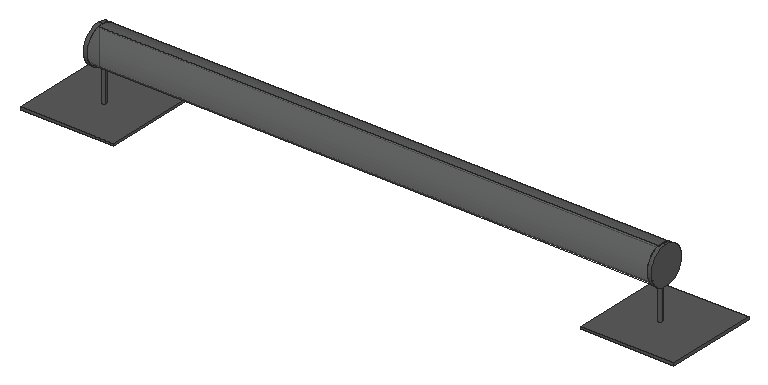
Revit family "wwaalll", category Lighting Fixtures, host Face, Revit 2019
Family settings
  Host = Face
  Round Connector Dimension = Use Diameter
  Part Type = Normal
  OmniClass Number = 23.80.70.11
  OmniClass Title = Luminaries for Internal Lighting
  Cut with Voids When Loaded = No
  Light Source = Yes
  Shared = No
  Room Calculation Point = No
Parameters (values of type "Not a Type - Load Type Catalog!")
  z_RO Start = Run : Start Fixture
  z_RO Standalone = Run : Standalone Fixture
  z_RO Middle = Run : Middle Fixture
  z_RO End = Run : End Fixture
  z_Geometry Position [instance] = 0' - 4 19/32"
  z_Connector Position [instance] = if(or(Run Option = z_RO Standalone, Run Option = z_RO Start), 0' 0", Length - 2 * 0' 0 21/128")  # 0' - 0"
  z_Array No 01 [instance] = if(or(Run Option = z_RO Standalone, Run Option = z_RO Start, and(Run Option = z_RO End, [Emergency Circuit - End Fixture])), 3, 2)  # 3
  z_Angle [instance] = 0.00°  # constant formula
  Width = 0' - 3 51/256"  # constant formula
  Weight = 0.00 lbf
  Wattage Comments = ""
  Wattage = 9.2903 W
  z_WM Left [instance] = or(Run Option = z_RO Start, Run Option = z_RO Standalone)  # yes
  Voltage Range = ""
  built-in parameter 1150110 = 1 (stored number, unit not read)
  Voltage = 120 V
  URL = "https://starteklightingamerica.com/optimo-direct/"
  Type Comments = "Linear Lighting Fixture"  # constant formula
  built-in parameter 1114217 = 1 (stored number, unit not read)
  Tilt Angle = 90.00°  # constant formula
  built-in parameter 1150109 = 1 (stored number, unit not read)
  built-in parameter 1150134 = (empty or 0)
  built-in parameter 1150113 = 1 (stored number, unit not read)
  z_Right Cap [instance] = or(Run Option = z_RO Standalone, Run Option = z_RO End)  # yes
  Run Option [instance] = Run : Standalone Fixture
  Product data url = "https://www.bimobject.com/startek-lighting/product/optimo_direct"
  Product Material [instance] = StarTek Lighting - Aluminum - Powder Coat Black
  Product Guid = "2d1d840d-481b-43d5-8dc0-894fcfffd1a4"
  Power Factor = 1
  Photometric Web File = "Generic Light Source Shown : Please download and link the IES file that best matches your fixture specification"
  Photometric Note = "Import IES files https://starteklightingamerica.com/"  # constant formula
  Phase = 1
  Number of Poles = 1
  Model = ""
  Manufacturer = "StarTek Lighting"  # constant formula
  z_Left Mounting Point Distance [instance] = Length / 2 - 0' 0 21/128"  # 1' - 11 107/128"
  built-in parameter 1150105 = 109.82 (stored number, unit not read)
  Lumens = 1380 lm
  built-in parameter 1150115 = 1 (stored number, unit not read)
  built-in parameter 1150137 = (empty or 0)
  built-in parameter 1150139 = (empty or 0)
  Length = 4' - 0"
  z_Left Cap [instance] = or(Run Option = z_RO Standalone, Run Option = z_RO Start)  # yes
  Lamp length 8' = Length = 8' 0"  # no
  Lamp length 4' = Length = 4' 0"  # yes
  built-in parameter 1150112 = 1 (stored number, unit not read)
  built-in parameter 1150114 = 1 (stored number, unit not read)
  Lamp = "LED"  # constant formula
  Keynote = "16500"
  Input Wattage = 0 W
  built-in parameter 1150132 = 2
  built-in parameter 1150102 = (empty or 0)
  built-in parameter 1150107 = 3201 (stored number, unit not read)
  built-in parameter 1150138 = (empty or 0)
  built-in parameter 1150106 = 1.0982 (stored number, unit not read)
  Height = 0' - 3 51/256"  # constant formula
  Frequency = 0 Hz
  Emit from Rectangle Width = 0' - 3 21/256"  # constant formula
  Emit from Rectangle Length = Length - 2 * 0' 0 19/128"  # 3' - 11 45/64"
  Emit Shape Visible in Rendering = no
  Emergency Circuit - End Fixture [instance] = no
  built-in parameter 1150104 = 13.8 (stored number, unit not read)
  Edition number = 1
  Distribution = "SD"
  Dimming Lamp Color Temperature Shift = <None>
  Description = "Optimo Direct"  # constant formula
  Electrical Disconnect = yes
  Default Elevation = 4' - 0"
  Color Filter = 16777215
  CRI = "80"
  built-in parameter 1114218 = 1 (stored number, unit not read)
  built-in parameter 1150133 = 10 (stored number, unit not read)
  Color [instance] = "Available Options: Powder Coat White (PW), Powder Coat Black (PB), Powder Coat Silver (PS), Powder Coat Bronze (PBR), Brushed Champagne (BCH), Powder Coat Other (PO), Premium Stock Finish (PSF)"  # constant formula
  Assembly Code = "D5020200"
  Apparent Load = Input Wattage / (Power Factor * Number of Poles)  # 0 VA
Reference planes (in)
  plane 1 "Center (Front/Back)": y = 0
  plane 2: z = 0
  plane 3 "Center (Left/Right)": x = 0
  plane 4: x = -23.83594
  plane 5: x = -24
  plane 6: x = 24
  plane 7: x = -23.63
  plane 8: x = 23.63
  plane 9: z = 4.59375
  plane 10: x = -23.83594
Forms (in)
  Sweep 1, solid, not visible
    path origin (0, 0, 0) x (0, 1, 0) y (0, 0, 1)
      loop
        line (0, 4.59375) -> (-0.39289, 4.59375)
    profile origin (0, -0.19644, 4.59375) x (0, 0, -1) y (1, 0, 0)
      loop
        circle (0, 0) r 0.03213
  Extrusion 2, solid, material "StarTek Lighting - Aluminum - Powder Coat Black" <- "Product Material", visible <- "z_WM Left"
    sketch origin (0, 0, 0) x (1, 0, 0) y (0, 1, 0)
      loop
        line (-27.83912, 4) -> (-27.83912, -4) -> (-19.83912, -4) -> (-19.83912, 4) -> (-27.83912, 4)
    from 0 to 0.19141
  Extrusion 3, solid, material "StarTek Lighting - Aluminum - Powder Coat Black" <- "Product Material", visible <- "z_WM Left"
    sketch origin (0, 0, 0) x (1, 0, 0) y (0, 1, 0)
      loop
        circle (-23.83912, 0) r 0.16088
    from 0.19141 to 3
  Extrusion 4, solid, material "StarTek Lighting - Aluminum - Powder Coat Black" <- "Product Material"
    sketch origin (0, 0, 0) x (1, 0, 0) y (0, 1, 0)
      loop
        line (20.16088, 4) -> (20.16088, -4) -> (28.16088, -4) -> (28.16088, 4) -> (20.16088, 4)
    from 0 to 0.19141
  Extrusion 5, solid, material "StarTek Lighting - Aluminum - Powder Coat Black" <- "Product Material"
    sketch origin (0, 0, 0) x (1, 0, 0) y (0, 1, 0)
      loop
        circle (23.83912, 0) r 0.16412
    from 0.19141 to 3
Lines and regions (in)
  Masking region 1
    outline origin (0, 0, 0) x (1, 0, 0) y (0, 0, 1)
      loop
        line (20.16088, 0.19141) -> (20.16088, 0) -> (28.16088, 0) -> (28.16088, 0.19141) -> (24.00325, 0.19141) -> (24.00325, 3) -> (23.675, 3) -> (23.675, 0.19141) -> (20.16088, 0.19141)
  Masking region 2, visible <- "z_WM Left"
    outline origin (0, 0, 0) x (1, 0, 0) y (0, 0, 1)
      loop
        line (-27.83912, 0.19141) -> (-27.83912, 0) -> (-19.83912, 0) -> (-19.83912, 0.19141) -> (-23.68067, 0.19141) -> (-23.68067, 3) -> (-24, 3) -> (-24, 0.19141) -> (-27.83912, 0.19141)
Dimensions and locks (in)
  "z_Left Mounting Point Distance": plane 3 "Center (Left/Right)" to plane 4
  equal spacing: plane 5, plane 3 "Center (Left/Right)", plane 6
  "Length": plane 5 to plane 6
  locked: plane 8 to plane 6 at 0.37
  locked: plane 5 to plane 7 at 0.37
  "z_Geometry Position": plane 9 to plane 2
  locked: Sweep 1 sketch curve to Sweep 1 sketch curve at 0.39289
  Extrusion 2 sketch curve to Extrusion 2 sketch curve = 0' - 8"
  Extrusion 2 sketch curve to plane 5 to Extrusion 2 sketch curve = 0' - 3.83912" locked, 0' - 4.16088" locked
  equal spacing: Extrusion 2 sketch curve, plane 1 "Center (Front/Back)", Extrusion 2 sketch curve
  locked: plane 5 to Extrusion 3 sketch curve at 0.16088
  locked: Extrusion 4 sketch curve to Extrusion 4 sketch curve at 8
  locked: plane 6 to Extrusion 4 sketch curve at 4.16088
  locked: Extrusion 5 sketch curve to plane 6 at 0.16088
  Masking region 1 sketch curve to plane 6 to Masking region 1 sketch curve = 0' - 4.16088" locked, 0' - 3.83912" locked
  Masking region 2 sketch curve to plane 5 to Masking region 2 sketch curve = 0' - 4.16088" locked, 0' - 3.83912" locked
  locked: Masking region 2 sketch curve to plane 2 at 3
  locked: Masking region 1 sketch curve to plane 2 at 3
  Masking region 1 sketch curve to plane 6 to Masking region 1 sketch curve = 0' - 0.00325" locked, 0' - 0.325" locked
  Masking region 2 sketch curve to plane 5 to Masking region 2 sketch curve = 0' - 0.31933" locked, 0' - 0" locked
  locked: nested 2 to plane 5 at 8
  "z_Connector Position": plane 4 to plane 10
  equal spacing: group 1, group 2, group 3  (x3)
  "z_Angle": angle plane 9 to Sweep 1 sketch curve
  aligned and locked: plane 2 to host face
  aligned and locked: level to host face
  aligned and locked: plane 1 "Center (Front/Back)" to Sweep 1 sketch curve
  aligned and locked: plane 9 to Sweep 1 sketch curve
  aligned and locked: plane 3 "Center (Left/Right)" to nested 1
  aligned and locked: plane 1 "Center (Front/Back)" to Extrusion 3 sketch curve
  aligned and locked: imposter light to plane 3 "Center (Left/Right)"
  aligned and locked: plane 1 "Center (Front/Back)" to nested 2
  aligned and locked: plane 10 to nested 4
  aligned and locked: plane 1 "Center (Front/Back)" to nested 4
Automatic sketch dimensions
  host sketch curve to host sketch curve = 8' - 0"  (x2)
  Sweep 1 sketch curve to plane 3 "Center (Left/Right)" = 0' - 0"
  Sweep 1 sketch curve to profile plane = 0' - 0"
  plane 1 "Center (Front/Back)" to Extrusion 4 sketch curve = 0' - 4"
  Extrusion 4 sketch curve to plane 1 "Center (Front/Back)" = 0' - 4"
  plane 1 "Center (Front/Back)" to Extrusion 5 sketch curve = 0' - 0"
  Masking region 2 sketch curve to level = 0' - 0"
  Masking region 2 sketch curve to Masking region 2 sketch curve = 0' - 0 49/256"  (x2)
  Masking region 1 sketch curve to level = 0' - 0"
  Masking region 1 sketch curve to Masking region 1 sketch curve = 0' - 0 49/256"  (x2)
  radius of Sweep 1 sketch curve = 0' - 0.03213"
  radius of Extrusion 3 sketch curve = 0' - 0.16088"
  radius of Extrusion 5 sketch curve = 0' - 0.16412"
Nested families (in)
  nested 1: "Geometry" at (0, 0, 4.59375) x (1, 0, 0) z (0, 1, 0), Left Cap <- "z_Left Cap", Right Cap <- "z_Right Cap", type "Geometry"
    with Right Cap yes, Mounting Height 8' - 0", Left Cap yes
  nested 2: "Connection" at (-32, 0, 0), type "Connection"
  nested 3: "Connection" at (-27.91797, 0, 0), type "Connection"
  nested 4: "Connection" at (-23.83594, 0, 0), type "Connection"
Connectors (in)
  electrical at (-23.83594, 0, 0), driven by "Number of Poles", driven by "Voltage", driven by "Apparent Load", driven by "Power Factor", driven by "Apparent Load", driven by "Apparent Load", driven by "Apparent Load"
    settings: on nested 4, index 2, voltage 120 V, apparent load 0 VA, apparent load phase1 0 VA, apparent load phase2 0 VA, apparent load phase3 0 VA, power factor 1, load classification "Other", number of poles 1, system type 30, power factor state 1, is connector primary yes, connector utility no, sub classification motor no, connector description "Connector for Electrical Power"
Definition of nested family "Geometry"
  Parameters (values of type "Geometry")
    Width = 0' - 4.62"
    Right Cap [instance] = yes
    Mounting Height [instance] = 8' - 0"
    Manufacturer = "https://www.arcat.com/arcatcos/cos51/arc51781.html"  # constant formula
    Length = 4' - 0"
    Left Cap [instance] = yes
    Housing Material = none
    Default Elevation = 4' - 0"
  Reference planes (in)
    plane 1 "Light Source Axis (F/B)": y = 0
    plane 2: z = 0
    plane 3 "Light Source Axis (L/R)": x = 0
    plane 4 "Light Source Elevation": z = 0
    plane 5: x = -24.325
    plane 6: x = 24.325
    plane 7: y = -2.31
    plane 8: x = -24
    plane 9: x = 24
  Forms (in)
    Extrusion 1, solid, material <- "Housing Material", detail levels medium
      sketch origin (0, 0, -94.40625) x (0, 1, 0) y (0, 0, 1)
        loop
          circle (0, 94.40625) r 1.59375
      from -24 to 24
    Extrusion 2, solid, material <- "Housing Material", detail levels coarse
      sketch origin (0, 0, -94.40625) x (0, 1, 0) y (0, 0, 1)
        loop
          circle (0, 94.40625) r 1.59375
      from -24 to 24
    Extrusion 3, solid, material <- "Housing Material", visible <- "Left Cap"
      sketch origin (0, 0, -94.40625) x (0, 1, 0) y (0, 0, 1)
        loop
          circle (0, 94.40625) r 1.59375
      from -24.325 to -24
    Extrusion 4, solid, material <- "Housing Material", visible <- "Right Cap"
      sketch origin (0, 0, -94.40625) x (0, 1, 0) y (0, 0, -1)
        loop
          circle (0, -94.40625) r 1.59375
      from -24.325 to -24
    Extrusion 5, solid, material <- "Housing Material", detail levels fine
      sketch origin (0, 0, -0.40625) x (0, 1, 0) y (0, 0, 1)
        loop
          arc (1.5411, 0) -> (0, 2) -> (-1.5411, 0) r 1.59375
          line (-1.5411, 0) -> (1.5411, 0)
      from -24 to 24
    Extrusion 6, solid, detail levels fine
      sketch origin (0, 0, -0.40625) x (0, 1, 0) y (0, 0, 1)
        loop
          arc (-1.5411, 0) -> (0, -1.1875) -> (1.5411, 0) r 1.59375
          line (1.5411, 0) -> (1.43745, 0)
          arc (1.43745, 0) -> (0, -1.0875) -> (-1.43745, 0) r 1.49375
          line (-1.43745, 0) -> (-1.5411, 0)
      from -24 to 24
  Lines and regions (in)
    Masking region 1
      outline origin (0, 0, 0) x (1, 0, 0) y (0, 1, 0)
        loop
          line (-24, 1.59375) -> (-24, -1.59375) -> (24, -1.59375) -> (24, 1.59375) -> (-24, 1.59375)
    Masking region 2, visible <- "Left Cap"
      outline origin (0, 0, 0) x (1, 0, 0) y (0, 1, 0)
        loop
          line (-24.325, 1.59375) -> (-24.325, -1.59375) -> (-24, -1.59375) -> (-24, 1.59375) -> (-24.325, 1.59375)
    Masking region 3, visible <- "Right Cap"
      outline origin (0, 0, 0) x (1, 0, 0) y (0, 1, 0)
        loop
          line (24, 1.59375) -> (24, -1.59375) -> (24.325, -1.59375) -> (24.325, 1.59375) -> (24, 1.59375)
    symbolic lines, detail levels fine
      curve 1: line (-24, 1.43745, 0) -> (24, 1.43745, 0)
      curve 2: line (24, 1.5411, 0) -> (-24, 1.5411, 0)
      curve 3: line (-24, -1.43745, 0) -> (24, -1.43745, 0)
      curve 4: line (-24, -1.5411, 0) -> (24, -1.5411, 0)
    symbolic lines, detail levels medium+fine
      curve 5: line (-24, 1.5411, 0) -> (-24, -1.5411, 0)
      curve 6: line (24, 1.5411, 0) -> (24, -1.5411, 0)
  Dimensions and locks (in)
    equal spacing: plane 5, plane 3 "Light Source Axis (L/R)", plane 6
    plane 7 to plane 1 "Light Source Axis (F/B)" = 0' - 2.31"
    locked: plane 5 to plane 8 at 0.325
    locked: plane 9 to plane 6 at 0.325
    "Length": plane 8 to plane 9
    diameter of Extrusion 3 sketch curve = 0' - 3 3/16"
    aligned and locked: level to plane 2
    aligned and locked: Extrusion 3 to plane 5
    aligned and locked: Extrusion 3 to plane 8
    aligned and locked: plane 9 to Extrusion 4
    aligned and locked: plane 6 to Extrusion 4
    aligned and locked: plane 8 to Extrusion 5
    aligned and locked: Extrusion 5 to plane 9
    aligned and locked: plane 8 to Extrusion 6
    aligned and locked: Extrusion 6 to plane 9
    aligned and locked: plane 8 to curve 2
    aligned and locked: plane 8 to curve 1
    aligned and locked: plane 8 to curve 3
    aligned and locked: plane 8 to curve 4
    aligned and locked: plane 9 to curve 2
    aligned and locked: plane 9 to curve 1
    aligned and locked: plane 9 to curve 3
    aligned and locked: plane 9 to curve 4
    aligned and locked: plane 8 to Extrusion 1
    aligned and locked: Extrusion 1 to plane 9
    aligned and locked: plane 8 to Extrusion 2
    aligned and locked: Extrusion 2 to plane 9
    aligned and locked: Masking region 1 to plane 9
    aligned and locked: plane 5 to Masking region 2 sketch curve
    aligned and locked: plane 8 to Masking region 2 sketch curve
    aligned and locked: Masking region 3 sketch curve to plane 6
    aligned and locked: Masking region 3 sketch curve to plane 9
  Automatic sketch dimensions
    Extrusion 2 sketch curve to plane 1 "Light Source Axis (F/B)" = 0' - 0"
    level to Extrusion 2 sketch curve = 0' - 0"
    Extrusion 3 sketch curve to plane 1 "Light Source Axis (F/B)" = 0' - 0"
    level to Extrusion 3 sketch curve = 0' - 0"
    Extrusion 4 sketch curve to plane 1 "Light Source Axis (F/B)" = 0' - 0"
    level to Extrusion 4 sketch curve = 0' - 0"
    Extrusion 5 sketch curve to level = 0' - 0 13/32"
    Extrusion 5 sketch curve to plane 1 "Light Source Axis (F/B)" = 0' - 0"
    level to Extrusion 5 sketch curve = 0' - 0"
    Extrusion 5 sketch curve to plane 7 = 0' - 0.7689"
    Extrusion 6 sketch curve to Extrusion 6 sketch curve = 0' - 0"  (x2)
    Extrusion 6 sketch curve to level = 0' - 0 13/32"  (x2)
    Extrusion 6 sketch curve to plane 1 "Light Source Axis (F/B)" = 0' - 0"
    level to Extrusion 6 sketch curve = 0' - 0"
    Extrusion 6 sketch curve to plane 7 = 0' - 0.87255"
    Extrusion 6 sketch curve to Extrusion 6 sketch curve = 0' - 0.10366"
    Masking region 1 sketch curve to plane 7 = 0' - 0.71625"
    Masking region 1 sketch curve to plane 1 "Light Source Axis (F/B)" = 0' - 1 19/32"
    curve 4 to plane 7 = 0' - 0.7689"
    curve 5 to plane 1 "Light Source Axis (F/B)" = 0' - 1.5411"
    curve 6 to curve 3 = 0' - 0.10366"
    curve 1 to curve 2 = 0' - 0.10366"
    plane 5 to Masking region 1 sketch curve = 0' - 0.325"
    Masking region 1 sketch curve to plane 6 = 0' - 0.325"
    Masking region 2 sketch curve to plane 7 = 0' - 0.71625"
    Masking region 2 sketch curve to plane 1 "Light Source Axis (F/B)" = 0' - 1 19/32"
    Masking region 3 sketch curve to plane 7 = 0' - 0.71625"
    Masking region 3 sketch curve to plane 1 "Light Source Axis (F/B)" = 0' - 1 19/32"
    radius of Extrusion 2 sketch curve = 0' - 1 19/32"
    radius of Extrusion 4 sketch curve = 0' - 1 19/32"
Definition of nested family "Connection"
  Parameters (values of type "Connection")
    Default Elevation = 4' - 0"
  Reference planes (in)
    plane 1 "Center (Front/Back)": y = 0
    plane 2: z = 0
    plane 3 "Center (Left/Right)": x = 0
  Forms (in)
    Extrusion 1, solid
      sketch origin (0, 0, 0) x (1, 0, 0) y (0, 1, 0)
        loop
          line (-48, 48) -> (-48, -48) -> (48, -48) -> (48, 48) -> (-48, 48)
      from 0 to -12
    Extrusion 2, solid, not visible
      sketch origin (0, 0, 0) x (1, 0, 0) y (0, 1, 0)
        loop
          circle (0, 0) r 0.7874
      from 0 to -0.45531
  Dimensions and locks (in)
    aligned and locked: plane 2 to Extrusion 1
    aligned and locked: level to Extrusion 1
